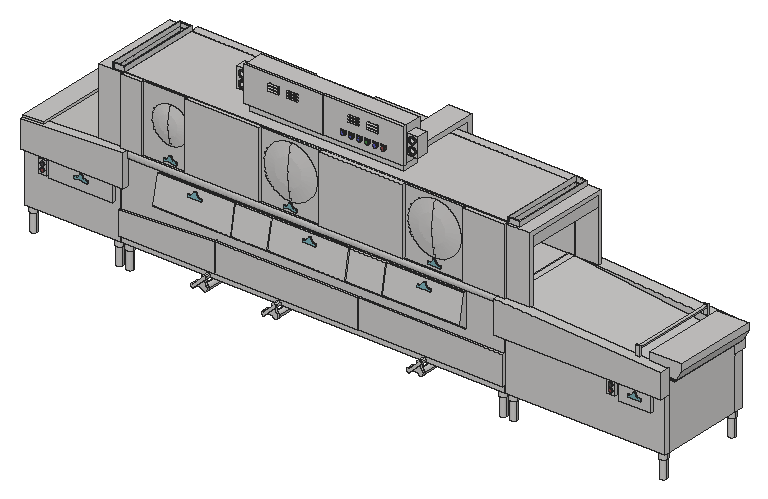
Revit family (continued)
Automatic sketch dimensions
  radius of Extrusion 76 sketch curve = 0' - 1 3/16"
  radius of Extrusion 77 sketch curve = 0' - 1 7/16"
  radius of Extrusion 78 sketch curve = 0' - 1 3/16"
  radius of Extrusion 79 sketch curve = 0' - 1 7/16"
  radius of Extrusion 80 sketch curve = 0' - 1 3/16"
  radius of Extrusion 81 sketch curve = 0' - 1 7/16"
  radius of Extrusion 82 sketch curve = 0' - 1 3/16"
  radius of Extrusion 83 sketch curve = 0' - 1 7/16"
  radius of Extrusion 84 sketch curve = 0' - 1 3/16"
  radius of Extrusion 85 sketch curve = 0' - 1 7/16"
  radius of Extrusion 86 sketch curve = 0' - 1 3/16"
  radius of Extrusion 87 sketch curve = 0' - 1 7/16"
  radius of Extrusion 88 sketch curve = 0' - 1 3/16"
  radius of Extrusion 89 sketch curve = 0' - 1 7/16"
  radius of Extrusion 90 sketch curve = 0' - 1 3/16"
  radius of Extrusion 91 sketch curve = 0' - 1 7/16"
  radius of Extrusion 92 sketch curve = 0' - 1 3/16"
  radius of Extrusion 93 sketch curve = 0' - 1 7/16"
  radius of Extrusion 94 sketch curve = 0' - 1 3/16"
  radius of Extrusion 95 sketch curve = 0' - 1 7/16"
  radius of Extrusion 96 sketch curve = 0' - 1 3/16"
  radius of Extrusion 97 sketch curve = 0' - 1 7/16"
  radius of Extrusion 132 sketch curve = 0' - 1"
  radius of Extrusion 132 sketch curve = 0' - 1 1/8"
  radius of Sweep 135 sketch curve = 0' - 0 3/8"
  radius of Sweep 135 sketch curve = 0' - 0 1/2"
  radius of Sweep 136 sketch curve = 0' - 0 1/2"
  radius of Sweep 136 sketch curve = 0' - 0 5/8"
  radius of Extrusion 137 sketch curve = 0' - 0 1/2"
  radius of Extrusion 189 sketch curve = 0' - 0 1/4"
  radius of Extrusion 190 sketch curve = 0' - 0 1/4"
  radius of Sweep 191 sketch curve = 0' - 0 3/8"
  radius of Extrusion 192 sketch curve = 0' - 0 1/4"
  radius of Extrusion 193 sketch curve = 0' - 0 1/4"
  radius of Extrusion 194 sketch curve = 0' - 0 1/4"
  radius of Extrusion 195 sketch curve = 0' - 0 1/4"
  radius of Extrusion 196 sketch curve = 0' - 0 1/4"
  radius of Extrusion 197 sketch curve = 0' - 0 1/4"
  radius of Extrusion 198 sketch curve = 0' - 0 1/4"
  radius of Extrusion 199 sketch curve = 0' - 0 1/4"
  radius of Sweep 200 sketch curve = 0' - 0 3/8"
  radius of Sweep 201 sketch curve = 0' - 0 3/8"
  radius of Sweep 202 sketch curve = 0' - 0 3/8"
  radius of Sweep 203 sketch curve = 0' - 0 3/8"
  radius of Sweep 207 sketch curve = 0' - 1"
  radius of Sweep 209 sketch curve = 0' - 0 3/8"
  radius of Sweep 209 sketch curve = 0' - 0 1/2"
  radius of Sweep 207 sketch curve = 0' - 1 1/8"
Nested families (in)
  nested 1: "QF_Stero_STPCW-ER_144_S_EX" at (122.84638, -6, 0), Ventilation Remarks <- "Unload Ventilation Remarks", Exhaust Volume <- "Unload Exhaust Volume", Exhaust Vent Width <- "Unload Exhaust Vent Width", Exhaust Vent Depth <- "Unload Exhaust Vent Depth", Exhaust Static Press <- "Unload Exhaust Static Press", Exhaust RI Height <- "Unload Exhaust RI Height", Item Number <- "Unload Exhaust Item Number", type "Nested"
    with Ventilation Remarks "", Item Number "-", Exhaust Volume 1000 CFM, Exhaust Vent Width 0' - 4", Exhaust Vent Depth 2' - 7 1/4", Exhaust Static Press 0.00 in-wg, Exhaust RI Height 0' - 0"
  nested 2: "QF_Stero_STPCW-ER_144_S_HW2" at (152.72138, -16.75, 0), visible <- "No Booster Heater", Plumbing Remarks <- "Boosted Plumbing Remarks", Hot Water Temperature <- "Boosted Hot Water Temperature", Hot Water Size <- "Boosted Hot Water Size", Hot Water RI Height <- "Boosted Hot Water RI Height", Hot Water Minimum Pressure <- "Boosted Hot Water Minimum Pressure", Hot Water Maximum Pressure <- "Boosted Hot Water Maximum Pressure", Hot Water Flow <- "Boosted Hot Water Flow", Hot Water Consumption <- "Boosted Hot Water Consumption", Hot Water Connection Height <- "Boosted Hot Water Connection Height", Item Number <- "Boosted HW Item Number", type "Nested"
    with Plumbing Remarks "", Item Number "-", Hot Water Temperature 180 °F, Hot Water Size Radius 3/8", Hot Water Size 3/4", Hot Water RI Height 0' - 0", Hot Water Minimum Pressure 20.00 psi, Hot Water Maximum Pressure 20.00 psi, Hot Water Flow 0.00 GPM, Hot Water Consumption 1.63 GPM, Hot Water Connection Height 0' - 6"
Connectors (in)
  hvac at (-23.40362, -21.625, 67.25), driven by "Exhaust Volume", driven by "Exhaust Vent Depth", driven by "Exhaust Vent Width"
    settings: on cut or joined group of Extrusion 29, Extrusion 31, index 1, duct flow 500 CFM, flow factor 0, pres drop 0.00 in-wg, loss coef 0, conn angle 0.00°, conn width 4", conn height 31 1/4", conn radius 12", duct sys type 3, conn prof type 1, flow config 1, flow direction 2, loss method 0, conn ref index -1, conn util no, is conn primary yes, conn desc "Load End Exhaust"
  hvac at (124.84638, -21.625, 67.25), driven by "Unload Exhaust Volume", driven by "Unload Exhaust Vent Depth", driven by "Unload Exhaust Vent Width"
    settings: on cut or joined group of Extrusion 33, Extrusion 35, index 2, duct flow 1000 CFM, flow factor 0, pres drop 0.00 in-wg, loss coef 0, conn angle 0.00°, conn width 4", conn height 31 1/4", conn radius 12", duct sys type 3, conn prof type 1, flow config 1, flow direction 2, loss method 0, conn ref index -1, conn util no, is conn primary no, conn desc "Unload End Exhaust"
  piping at (-39.90362, -20.25, 7), driven by "Indirect Waste Flow"
    settings: on Extrusion 132, index 3, connector radius 1", flow factor 0, pipe flow 0.00 GPM, pressure drop 0.00 psi, fitting loss kfactor 0, connector angle 0.00°, fixture units 0, flow configuration 1, flow direction 2, fitting loss method 0, system type 16, connector reference index -1, connector utility 0, adjustable connector no, is connector primary yes, fitting loss table "", connector description "Load End Indirect Waste"
  piping at (175.72138, -20.25, 7), driven by "Indirect Waste Flow"
    settings: on Extrusion 132, index 4, connector radius 1", flow factor 0, pipe flow 0.00 GPM, pressure drop 0.00 psi, fitting loss kfactor 0, connector angle 0.00°, fixture units 0, flow configuration 1, flow direction 2, fitting loss method 0, system type 16, connector reference index -1, connector utility 0, adjustable connector no, is connector primary no, fitting loss table "", connector description "Unload End Indirect Waste"
  piping at (158.72138, -8.5, 6), driven by "Hot Water Flow"
    settings: on Sweep 136, index 5, connector radius 1/2", flow factor 0, pipe flow 0.00 GPM, pressure drop 0.00 psi, fitting loss kfactor 0, connector angle 0.00°, fixture units 0, flow configuration 1, flow direction 1, fitting loss method 0, system type 19, connector reference index -1, connector utility 0, adjustable connector no, is connector primary no, fitting loss table "", connector description "Building Hot Water"
  piping at (-31.27862, -8.5, 6), driven by "Cold Water Flow"
    settings: on Sweep 135, index 6, connector radius 3/8", flow factor 0, pipe flow 0.00 GPM, pressure drop 0.00 psi, fitting loss kfactor 0, connector angle 0.00°, fixture units 0, flow configuration 1, flow direction 1, fitting loss method 0, system type 20, connector reference index -1, connector utility 0, adjustable connector no, is connector primary no, fitting loss table "", connector description "Cold Water"
  electrical at (22.72138, -26, 78.5), driven by "Number of Poles", driven by "Volts", driven by "Apparent Power"
    settings: on cut or joined group of Extrusion 99, Extrusion 137, index 7, voltage 480 V, apparent load 13203.4 VA, apparent load phase1 0 VA, apparent load phase2 0 VA, apparent load phase3 0 VA, power factor 1, load classification "Other", number of poles 3, system type 30, power factor state 1, is connector primary yes, connector utility no, sub classification motor no, connector description "Feeder 1 Electric"
  piping at (152.72138, -8.5, 6)
    settings: on Sweep 209, index 8, connector radius 3/8", flow factor 0, pipe flow 0.00 GPM, pressure drop 0.00 psi, fitting loss kfactor 0, connector angle 0.00°, fixture units 0, flow configuration 1, flow direction 2, fitting loss method 0, system type 8, connector reference index -1, connector utility 0, adjustable connector no, is connector primary no, fitting loss table "", connector description "Condensate Return"
  piping at (146.72138, -8.5, 6), driven by "Steam Supply Volume"
    settings: on Sweep 207, index 9, connector radius 1", flow factor 0, pipe flow 0.00 GPM, pressure drop 0.00 psi, fitting loss kfactor 0, connector angle 0.00°, fixture units 0, flow configuration 1, flow direction 1, fitting loss method 0, system type 7, connector reference index -1, connector utility 0, adjustable connector no, is connector primary no, fitting loss table "", connector description "Steam Supply"
Definition of nested family "QF_Stero_STPCW-ER_144_S_EX"
  Parameters (values of type "Nested")
    Ventilation Remarks [instance] = ""
    Item Number [instance] = "-"
    Exhaust Volume [instance] = 0 CFM
    Exhaust Vent Width [instance] = 1' - 4"
    Exhaust Vent Depth [instance] = 0' - 4"
    Exhaust Static Press [instance] = 0.00 in-wg
    Exhaust RI Height [instance] = 0' - 0"
    Description = ""
    Assembly Code = ""
  Reference planes (in)
    plane 1 "Center (Back)": y = 0
    plane 2: z = 0
    plane 3 "Center (Left)": x = 0
    plane 4: x = 16
    plane 5: y = -4
  Lines and regions (in)
    symbolic lines, style "QF_Multiple Utilities"
      curve 1: line (0, 0, 0) -> (16, 0, 0)
      curve 2: line (0, -4, 0) -> (0, 0, 0)
      curve 3: line (16, -4, 0) -> (0, -4, 0)
      curve 4: line (16, 0, 0) -> (16, -4, 0)
      curve 5: line (16, 0, 0) -> (0, -4, 0)
      curve 6: line (0, 0, 0) -> (16, -4, 0)
  Dimensions and locks (in)
    "Exhaust Vent Width": plane 3 "Center (Left)" to plane 4
    "Exhaust Vent Depth": plane 1 "Center (Back)" to plane 5
    aligned and locked: level to plane 2
    aligned and locked: plane 1 "Center (Back)" to curve 1
    aligned and locked: plane 3 "Center (Left)" to curve 2
    aligned and locked: curve 3 to plane 5
    aligned and locked: curve 4 to plane 4
Definition of nested family "QF_Stero_STPCW-ER_144_S_HW2"
  Parameters (values of type "Nested")
    Plumbing Remarks [instance] = ""
    Item Number [instance] = "-"
    Hot Water Temperature [instance] = 0 °F
    Hot Water Size [instance] = 1/4"
    Hot Water RI Height [instance] = 0' - 0"
    Hot Water Minimum Pressure [instance] = 0.00 psi
    Hot Water Maximum Pressure [instance] = 0.00 psi
    Hot Water Flow [instance] = 0.00 GPM
    Hot Water Consumption [instance] = 0.00 GPM
    Hot Water Connection Height [instance] = 0' - 0"
    Description = ""
    Hot Water Size Radius [instance] = Hot Water Size / 2  # 1/8"
    Assembly Code = ""
  Reference planes (in)
    plane 1 "Center (Back)": y = 0
    plane 2: z = 0
    plane 3 "Center (Left)": x = 0
  Lines and regions (in)
    symbolic lines, style "QF_Multiple Utilities"
      curve 1: circle (0, 0, 0) r 0.125 normal (0, 0, 1)
  Dimensions and locks (in)
    "Hot Water Size Radius": radius of curve 1
    aligned and locked: level to plane 2
  Automatic sketch dimensions
    plane 1 "Center (Back)" to curve 1 = 0' - 0"
    curve 1 to plane 3 "Center (Left)" = 0' - 0"
Types (3): name | Volts | FL Amps | Apparent Power
  (no name) | 480 V | 15.9 A | 13203.4 VA
  208/60/3 | 208 V | 34.1 A | 12270.5 VA
  480/60/3 | 480 V | 15.9 A | 13203.4 VA
